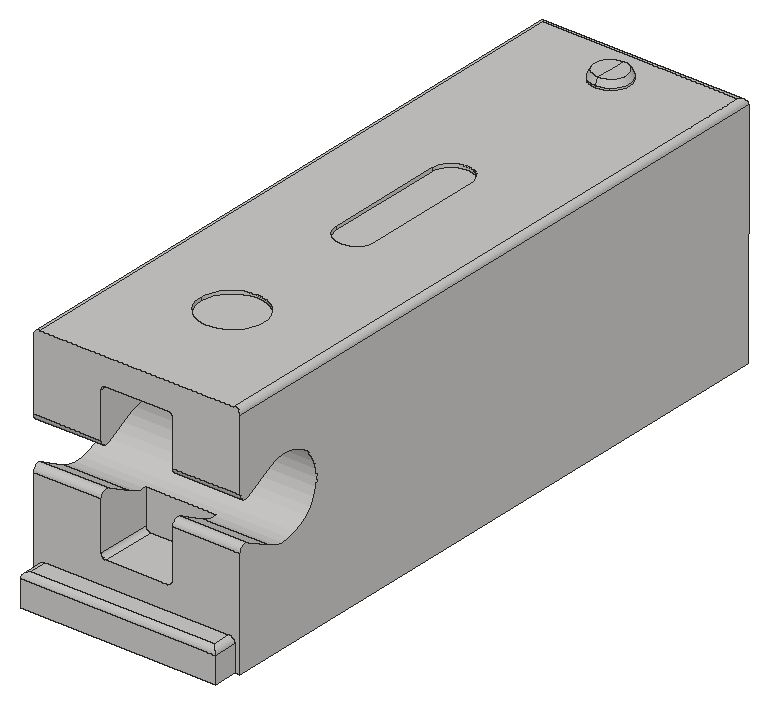
Revit family "PRD_FrankeWS_TltRllHldrs_Heavy-DutyToiletRollHolder_HDTX674", category Specialty Equipment, host Face, Revit 2018
Family settings
  Host = Face
  Round Connector Dimension = Use Diameter
  Part Type = Normal
  OmniClass Number = 23.40.20.21.21
  OmniClass Title = Toilet Paper Dispensers
  Cut with Voids When Loaded = No
  Shared = No
  Room Calculation Point = No
Parameters (values of type "HDTX674")
  WarrantyStartDate [instance] = "1900-12-31T23:59:59"
  WarrantyGuarantorParts = "n/a"
  WarrantyGuarantorLabor = "n/a"
  WarrantyDurationUnit = "year"
  WarrantyDurationParts = "n/a"
  WarrantyDurationLabor = "n/a"
  WarrantyDescription = "n/a"
  Version = "1"
  Uniclass2015Version = "Products v1.5"
  Uniclass2015Title = "Toilet roll holders"
  Uniclass2015Code = "Pr_40_20_76_88"
  URL = "www.kwc.com"
  TagNumber [instance] = "n/a"
  SustainabilityPerformance = "n/a"
  Style = "Toilet roll holder"
  Size = "130 x 415 x 150 mm"
  Shape = "n/a"
  SerialNumber [instance] = "n/a"
  RollHolderMaterial = PRD_AR_StainlessSteel_SatinFinished
  Revision = "n/a"
  ReplacementCost = "n/a"
  ProductInformation = "https://pim.kwc.com/product/2000057081/attachment/datasheet?locale=en"
  NominalWidth = 130.00 mm
  NominalLength = 130.00 mm
  NominalHeight = 415.00 mm
  NominalDepth = 150.00 mm
  NetWeight = 4.80 kg
  Name = "HEAVY-DUTY toilet roll holder HDTX674"
  NBSTypeID = "n/a"
  NBSReference = "45-35-72/368"
  NBSOfficeMasterTag = "n/a"
  NBSNote = "n/a"
  NBSDescription = "Toilet roll holders"
  NBSCertification = "n/a"
  ModelReference = "HDTX674"
  ModelNumber = "2000057081"
  Model = ModelReference  # "HDTX674"
  MaximumWidthOfConsumable = 120.00 mm
  Materials = "Stainless steel"
  Material = "Stainless steel"
  ManufacturerURL = "www.kwc.com"
  ManufacturerName = "KWC Group AG"  # constant formula
  Manufacturer = ManufacturerName  # "KWC Group AG"
  MainColor = "Stainless steel"
  IntegralAccessories = "Stainless steel screws and dowels incl."
  InstallationDate [instance] = "1900-12-31T23:59:59"
  IfcExportType = "NOTDEFINED"
  IfcExportAs = "IfcFurnitureType"
  GrossWeight = 5.20 kg
  Grade = "n/a"
  Form = "Wall mounted"
  FinishAndColour = "Stainless steel, satin finished"
  Finish = "Satin finished"
  FillingQuantity = "3 ROLLS"
  Features = "stainless steel, 2.00 mm, satin finished, wall mounting, 130x415x150 mm (WxHxD)"
  ExpectedLife = "n/a"
  DurationUnit = "year"
  Description = "Toilet roll holder for wall mounting, stainless steel, surface satin finished, material thickness 14 gauge (2 mm), casing is held in place by a stainless steel rod fixed to the mounting plate and a security lock, paper withdrawal over tear-off edge, for three rolls with max. 120 mm width and max. ⌀115 mm, without spindles, reserve rolls visible, incl. stainless steel screws and dowels."
  Default Elevation = 700.00 mm
  Constituents = "n/a"
  Color = "Stainless steel"
  CodePerformance = "n/a"
  Category = "Pr_40_20_76_88, Toilet roll holders"
  BarCode [instance] = "n/a"
  BIMObjectName = "PRD_AR_ToiletRollHolders_Heavy-DutyToiletRollHolder_HDTX674"
  Author = "Archispace"  # constant formula
  AssetType = "Fixed"
  AssetIdentifier [instance] = "n/a"
  AccessibilityPerformance = "n/a"
Reference planes
  plane 1 "Center (Front/Back)": y = 0
  plane 2: z = 0
  plane 3 "Center (Left/Right)": x = 0
Forms (mm)
  Extrusion 1, solid, material "PRD_AR_StainlessSteel_SatinFinished" <- "RollHolderMaterial", detail levels fine
    sketch origin (0, 0, 0) x (0, 1, 0) y (0, 0, 1)
      loop
        arc (5.843, 71.967) -> (1.923, 71.835) -> (0, 68.417) r 4
        line (0, 68.417) -> (0, 0) -> (400, 0) -> (400, 146.25)
        arc (400, 146.25) -> (398.902, 148.902) -> (396.25, 150) r 3.75
        line (396.25, 150) -> (0, 150) -> (0, 101.583)
        arc (0, 101.583) -> (1.923, 98.165) -> (5.843, 98.033) r 4
        line (5.843, 98.033) -> (23.483, 107.189)
        arc (23.483, 107.189) -> (60, 85) -> (23.483, 62.811) r 25
        line (23.483, 62.811) -> (5.843, 71.967)
    from -65 to 65
  Extrusion 2, void
    sketch origin (0, 0, 0) x (1, 0, 0) y (0, 0, 1)
      loop
        arc (-65, 146.25) -> (-63.902, 148.902) -> (-61.25, 150) r 3.75
        line (-61.25, 150) -> (-65, 150) -> (-65, 146.25)
      loop
        line (65, 146.25) -> (65, 150) -> (61.25, 150)
        arc (61.25, 150) -> (63.902, 148.902) -> (65, 146.25) r 3.75
    from 0 to -400
  Extrusion 3, solid, material "PRD_AR_StainlessSteel_SatinFinished" <- "RollHolderMaterial", detail levels fine
    sketch origin (0, 0, 0) x (0, 1, 0) y (0, 0, 1)
      loop
        line (0, 0) -> (0, 20) -> (-11.25, 20)
        arc (-11.25, 20) -> (-13.902, 18.902) -> (-15, 16.25) r 3.75
        line (-15, 16.25) -> (-15, 0) -> (0, 0)
    from -61.5 to 61.5
  Extrusion 4, void
    sketch origin (0, 0, 0) x (1, 0, 0) y (0, 0, 1)
      loop
        arc (-61.5, 16.25) -> (-60.402, 18.902) -> (-57.75, 20) r 3.75
        line (-57.75, 20) -> (-61.5, 20) -> (-61.5, 16.25)
      loop
        line (61.5, 16.25) -> (61.5, 20) -> (57.75, 20)
        arc (57.75, 20) -> (60.402, 18.902) -> (61.5, 16.25) r 3.75
    from 0 to 15
  Revolve 5, solid, material "PRD_AR_StainlessSteel_SatinFinished" <- "RollHolderMaterial", detail levels fine
    sketch origin (0, 0, 0) x (0, 1, 0) y (0, 0, 1)
      loop
        line (373, 150) -> (373, 155) -> (362.9, 155) -> (361, 151.004) -> (361, 150) -> (373, 150)
      axis (373, 150) -> (373, 155)
    angle from 0 to 360
  Extrusion 6, void
    sketch origin (0, 0, 0) x (1, 0, 0) y (0, 1, 0)
      loop
        arc (-12.5, 172.5) -> (0, 160) -> (12.5, 172.5) r 12.5
        line (12.5, 172.5) -> (12.5, 247.5)
        arc (12.5, 247.5) -> (0, 260) -> (-12.5, 247.5) r 12.5
        line (-12.5, 247.5) -> (-12.5, 172.5)
      loop
        circle (0, 75) r 20
    from 148 to 150
  Extrusion 7, void
    sketch origin (0, 0, 0) x (1, 0, 0) y (0, 0, 1)
      loop
        line (-19.5, 35) -> (19.5, 35)
        arc (19.5, 35) -> (21.621, 35.879) -> (22.5, 38) r 3
        line (22.5, 38) -> (22.5, 130)
        arc (22.5, 130) -> (21.621, 132.121) -> (19.5, 133) r 3
        line (19.5, 133) -> (-19.5, 133)
        arc (-19.5, 133) -> (-21.621, 132.121) -> (-22.5, 130) r 3
        line (-22.5, 130) -> (-22.5, 38)
        arc (-22.5, 38) -> (-21.621, 35.879) -> (-19.5, 35) r 3
    from 0 to -35
  Extrusion 8, solid, material "PRD_AR_StainlessSteel_SatinFinished" <- "RollHolderMaterial", detail levels coarse+medium
    sketch origin (0, 0, 0) x (0, 1, 0) y (0, 0, 1)
      loop
        line (400, 0) -> (400, 150) -> (0, 150) -> (0, 0) -> (400, 0)
    from -65 to 65
  Extrusion 9, solid, material "PRD_AR_StainlessSteel_SatinFinished" <- "RollHolderMaterial", detail levels medium
    sketch origin (0, 0, 0) x (0, 1, 0) y (0, 0, 1)
      loop
        line (0, 20) -> (-15, 20) -> (-15, 0) -> (0, 0) -> (0, 20)
    from -61.5 to 61.5
Cuts and joins
  Extrusion 2, Extrusion 4, Extrusion 6, Extrusion 7 cuts Extrusion 1
  Extrusion 4, Extrusion 6, Extrusion 7 cuts Extrusion 3
  joined: Extrusion 1, Extrusion 3
Dimensions and locks
  aligned and locked: plane 2 to host face
  aligned and locked: level to host face
